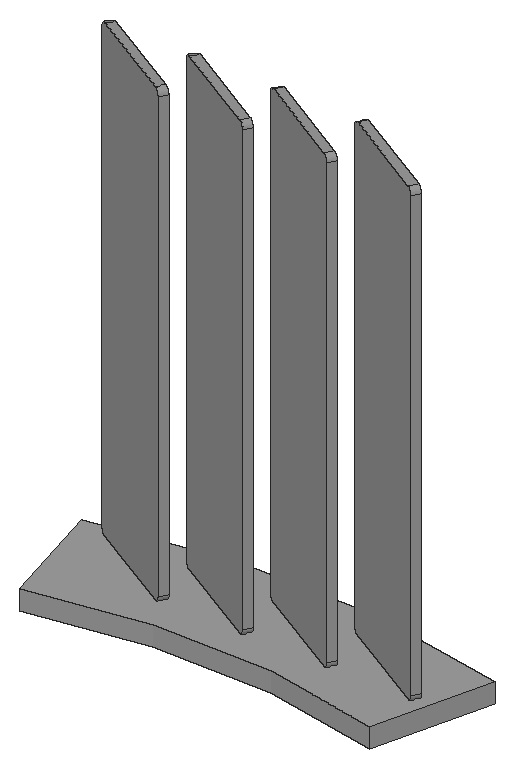
Revit family "GE6 - Curved 4 Fins", category Furniture, Revit 2019
Family settings
  OmniClass Number = 23.40.20.00
  OmniClass Title = General Furniture and Specialties
  Work Plane-Based = No
  Always vertical = Yes
  Cut with Voids When Loaded = No
  Shared = No
  Room Calculation Point = No
Parameters (values of type "Curved - 1600 High")
  URL = "www.gof.co.uk"
  Fins = GABRIEL Byron_15101
  Range = "SCREENS"
  Product Data Specification = ""
  Product Code = "GE6E2"
  Product Brochure = ""
  Model = "GE6"
  Manufacturer = "Gresham Office Furniture"  # constant formula
  Fin Height = 1600 mm
  Base = Gresham - WHITE PLASTIC
  Assembly Code = "E2020200"
Types (4, lengths in mm): name | Product Code | Fin Height
  (no name) | "GE6E2" | 1600
  Curved - 1200 High | "GE6E1" | 1200
  Curved - 1600 High | "GE6E2" | 1600
  Curved - 1800 High | "GE6E3" | 1800
Reference planes
  plane 1 "Center (Front/Back)": y = 0
  plane 2: z = 0
  plane 3 "Center (Left/Right)": x = 0
  plane 4 "Base Gap": z = 5
  plane 5 "1200": z = 1200
  plane 6: y = -200
  plane 7: x = 685
  plane 8: x = -685
  plane 9: y = 200
  plane 10 "Base": z = 70
  plane 11: z = 1600
  plane 12: z = 1800
Forms (mm)
  Extrusion 1, solid, material "Gresham - WHITE PLASTIC" <- "Base"
    sketch origin (0, 0, 5) x (0, -1, 0) y (1, 0, 0)
      loop
        arc (258.821, -581.356) -> (182.242, 0.122) -> (258.884, 581.591) r 2245
        line (258.884, 581.591) -> (-127.486, 685.118)
        arc (-127.486, 685.118) -> (-217.758, 0.122) -> (-127.549, -684.883) r 2645
        line (-127.549, -684.883) -> (258.821, -581.356)
    from 0 to 65
Dimensions and locks
  equal spacing: plane 8, plane 3 "Center (Left/Right)", plane 7
  plane 8 to plane 7 = 1370 mm
  equal spacing: plane 9, plane 1 "Center (Front/Back)", plane 6
  plane 9 to plane 6 = 400 mm
  locked: plane 4 "Base Gap" to level at 5
  locked: plane 10 "Base" to plane 4 "Base Gap" at 65
  locked: plane 5 "1200" to level at 1200
  locked: plane 11 to level at 1600
  locked: plane 12 to level at 1800
  Extrusion 1 sketch curve to Extrusion 1 sketch curve = 1162.946 mm
  aligned and locked: level to plane 2
Automatic sketch dimensions
  Extrusion 1 sketch curve to plane 7 = 0.118 mm
  plane 8 to Extrusion 1 sketch curve = 0.117 mm
  plane 8 to Extrusion 1 sketch curve = 103.644 mm
  Extrusion 1 sketch curve to plane 3 "Center (Left/Right)" = 0 mm
  Extrusion 1 sketch curve to Extrusion 1 sketch curve = 0 mm  (x2)
  Extrusion 1 sketch curve to Extrusion 1 sketch curve = 103.528 mm
  Extrusion 1 sketch curve to plane 1 "Center (Front/Back)" = 127.549 mm
  Extrusion 1 sketch curve to plane 6 = 58.884 mm
Nested families
  nested 1: "Fin" at (420.149, 17.177, 0) x (-0.5, -0.866, 0) z (0, 0, 1), type "Fin"
    with Fin Height 1600 mm
  nested 2: "Fin" at (140.149, 17.177, 0) x (-0.5, -0.866, 0) z (0, 0, 1), type "Fin"
    with Fin Height 1600 mm
  nested 3: "Fin" at (-139.851, 17.177, 0) x (-0.5, -0.866, 0) z (0, 0, 1), type "Fin"
    with Fin Height 1600 mm
  nested 4: "Fin" at (-419.851, 17.177, 0) x (-0.5, -0.866, 0) z (0, 0, 1), type "Fin"
    with Fin Height 1600 mm
Definition of nested family "Fin"
  Parameters (values of type "Fin")
    Width = 1200 mm
    URL = "www.gof.co.uk"
    Fins = none
    Range = "SCREENS"
    Product Data Specification = ""
    Product Code = ""
    Product Brochure = ""
    Model = "GE6"
    Manufacturer = "Gresham Office Furniture"  # constant formula
    Fin Height = 1200 mm
    Depth = 400 mm
  Reference planes
    plane 1 "Center (Front/Back)": y = 0
    plane 2: z = 0
    plane 3 "Center (Left/Right)": x = 0
    plane 4 "Base Gap": z = 5
    plane 5 "1200": z = 1200
    plane 6: y = -200
    plane 7: x = 600
    plane 8: x = -600
    plane 9: y = 200
    plane 10 "Base": z = 70
    plane 11: z = 1600
    plane 12: z = 1800
  Forms (mm)
    Extrusion 1, solid, material <- "Fins"
      sketch origin (-14, 0, 0) x (0, 1, 0) y (0, 0, 1)
        loop
          arc (180, 70) -> (194.142, 75.858) -> (200, 90) r 20
          line (200, 90) -> (200, 1180)
          arc (200, 1180) -> (194.142, 1194.142) -> (180, 1200) r 20
          line (180, 1200) -> (-180, 1200)
          arc (-180, 1200) -> (-194.142, 1194.142) -> (-200, 1180) r 20
          line (-200, 1180) -> (-200, 90)
          arc (-200, 90) -> (-194.142, 75.858) -> (-180, 70) r 20
          line (-180, 70) -> (180, 70)
      from 0 to 28
  Dimensions and locks
    equal spacing: plane 8, plane 3 "Center (Left/Right)", plane 7
    "Width": plane 8 to plane 7
    equal spacing: plane 9, plane 1 "Center (Front/Back)", plane 6
    "Depth": plane 9 to plane 6
    locked: plane 4 "Base Gap" to level at 5
    locked: plane 10 "Base" to plane 4 "Base Gap" at 65
    locked: plane 5 "1200" to level at 1200
    locked: plane 11 to level at 1600
    locked: plane 12 to level at 1800
    "Fin Height": Extrusion 1 to level
    aligned and locked: level to plane 2
  Automatic sketch dimensions
    Extrusion 1 sketch curve to plane 6 = 0 mm
    Extrusion 1 sketch curve to plane 10 "Base" = 0 mm
    Extrusion 1 sketch curve to plane 5 "1200" = 0 mm
    Extrusion 1 sketch curve to plane 9 = 0 mm
    plane 6 to Extrusion 1 sketch curve = 20 mm
    Extrusion 1 sketch curve to Extrusion 1 sketch curve = 20 mm  (x2)
    Extrusion 1 sketch curve to plane 9 = 20 mm
